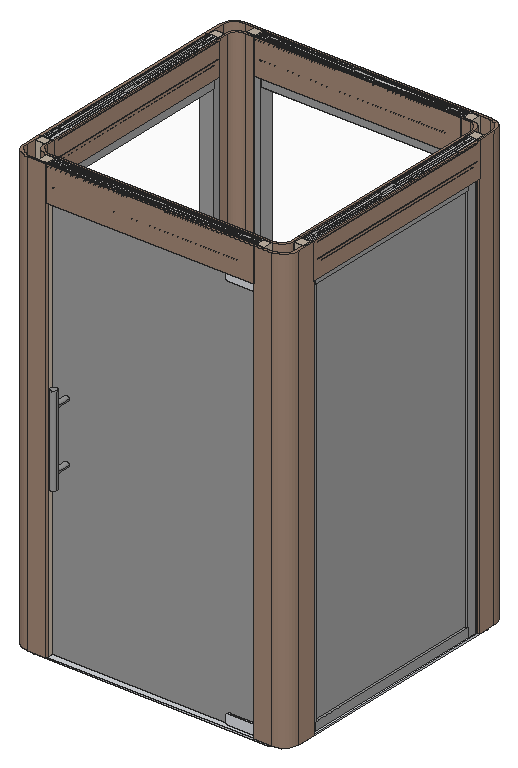
Revit family "T100337", category Furniture, Revit 2015
Parameters (values of type "T100337")
  URL = "https://ofs.com/"
  Manufacturer = "OFS"
  Description = "OFS TYPICAL T100337"
  Copyright © = "©OFS 2021"
  Catalog = "https://ofs.com/2020-experience"
  Authoring Version = "Autodesk Revit Architecture 2015"
  Assembly Code = "E2020400"
Reference planes (in)
  plane 1 "Center Front/Back": y = 0
  plane 2: z = 0
  plane 3 "Center Left/Right": x = 0
Dimensions and locks (in)
  aligned and locked: level to plane 2
Nested families (in)
  nested 1: "OFS ELEMENT OPEN L DESK LEFT AND RIGHT 84in Width 60in Return" at (102, 18.84375, 84), type "ELEMENT OPEN L DESK LEFT RETURN 84in Width 60in Return"
    with Right Desk Ovelay no, Left Desk Overlay no, Desk Overlay Option yes
  nested 2: "OFS OBEYA POSTS" at (26.25, -25.5, 0) x (-1, 0, 0) z (0, 0, 1), type "CORNER POST"
  nested 3: "OFS OBEYA POSTS" at (-26.25, -25.5, 0) x (0, 1, 0) z (0, 0, 1), type "CORNER POST"
  nested 4: "OFS OBEYA POSTS" at (26.25, 27, 0) x (0, -1, 0) z (0, 0, 1), type "CORNER POST"
  nested 5: "OFS OBEYA POSTS" at (-26.25, 27, 0), type "CORNER POST"
  nested 6: "OFS OBEYA BEAM KITS" at (-26.25, 0.75, 0) x (0, -1, 0) z (0, 0, 1), type "Beam Kit 42"
  nested 7: "OFS OBEYA BEAM KITS" at (0, -25.5, 0), type "Beam Kit 42"
  nested 8: "OFS OBEYA GLASS WALLS WITH DOOR" at (0, -25.5, 0) x (-1, 0, 0) z (0, 0, 1), type "Glass Wall With Door 1 Panel"
  nested 9: "OFS OBEYA GLASS WALLS" at (26.25, 0.75, 0) x (0, 1, 0) z (0, 0, 1), type "Glass Wall 1 Panel"
  nested 10: "OFS OBEYA BEAM KITS" at (0, 27, 0), type "Beam Kit 42"
  nested 11: "OFS OBEYA BEAM KITS" at (26.25, 0.75, 0) x (0, -1, 0) z (0, 0, 1), type "Beam Kit 42"
  nested 12: "OFS OBEYA WALL PANELS" at (0, 27, 0), type "Wall Panel Framed Acoustic Infill"
  nested 13: "OFS OBEYA WALL PANELS" at (-26.25, 0.75, 0) x (0, 1, 0) z (0, 0, 1), type "Wall Panel Framed Acoustic Infill"
Definition of nested family "OFS OBEYA POSTS"
  Parameters (values of type "T POST")
    Width = 6 3/4"
    URL = "https://ofs.com/products/space-defining/architectural-structures/obeya"
    T = yes
    Model = "OB-TP"
    Manufacturer = "OFS"
    Height = 90"
    Gliders Material = none
    Finish Material = none
    Description = "OFS OBEYA T POST, Vertical Uprights for Attaching Walls, 3 Way Connection at 90 and 180 Degrees"
    Depth = 6 3/4"
    Corner = no
    Copyright © = "©OFS 2019"
    Edge Material = none
    Catalog = "https://ofs.com/products/space-defining/architectural-structures/obeya"
    Authoring Version = "Autodesk Revit Architecture 2015"
    Assembly Code = "E2020200"
    4way = no
    4 = no
    3 = yes
    2 = yes
  Types (4): name | T | Model | Description | Corner | 4way | 4 | 3
    (no name) | yes | "OB-TP" | "OFS OBEYA T POST, Vertical Uprights for Attaching Walls, 3 Way Connection at 90 and 180 Degrees" | no | no | no | yes
    CORNER POST | no | "OB-CP" | "OFS OBEYA CORNER POST, Vertical Uprights for Attaching Walls, 90 Degree Connection" | yes | no | no | no
    T POST | yes | "OB-TP" | "OFS OBEYA T POST, Vertical Uprights for Attaching Walls, 3 Way Connection at 90 and 180 Degrees" | no | no | no | yes
    4 WAY POST | no | "OB-4P" | "OFS OBEYA 4 WAY POST, Vertical Uprights for Attaching Walls, 4 Way Connection at 90 Corners" | no | yes | yes | yes
  Reference planes (in)
    plane 1 "Center Front/Back": y = 0
    plane 2: z = 0
    plane 3 "Center Left/Right": x = 0
    plane 4: x = 5.25
    plane 5: y = -5.25
    plane 6: z = 90
    plane 7: z = 0.5
    plane 8: y = 5.25
    plane 9: x = -5.25
  Forms (in)
    Extrusion 1, solid, material <- "Finish Material", visible <- "Corner"
      sketch origin (-1.5, 1.5, 0) x (1, 0, 0) y (0, 1, 0)
        loop
          arc (3, 0) -> (0.87868, -0.87868) -> (0, -3) r 3
          line (0, -3) -> (0, -6.75) -> (0.5, -6.75) -> (0.5, -3)
          arc (0.5, -3) -> (1.23223, -1.23223) -> (3, -0.5) r 2.5
          line (3, -0.5) -> (6.75, -0.5) -> (6.75, 0) -> (3, 0)
        loop
          line (5, -3) -> (6.75, -3) -> (6.75, -2.5) -> (5, -2.5)
          arc (5, -2.5) -> (3.23223, -3.23223) -> (2.5, -5) r 2.5
          line (2.5, -5) -> (2.5, -6.75) -> (3, -6.75) -> (3, -5)
          arc (3, -5) -> (3.58579, -3.58579) -> (5, -3) r 2
      from 0.5 to 90
    Extrusion 2, solid, material <- "Edge Material", visible <- "2"
      sketch origin (0, 0, 0) x (1, 0, 0) y (0, 1, 0)
        loop
          line (5.25, 1) -> (3.5, 1) -> (3.5, -1) -> (5.25, -1) -> (5.25, 1)
        loop
          line (-1, -5.25) -> (1, -5.25) -> (1, -3.5) -> (-1, -3.5) -> (-1, -5.25)
      from 0.5 to 90
    Revolve 3, solid, material <- "Gliders Material", visible <- "2"
      sketch origin (-14.98281, 0, 0) x (1, 0, 0) y (0, 0, 1)
        loop
          line (19.45389, 0.5) -> (19.12889, 0.5) -> (19.12889, 0.2225) -> (18.99551, 0.2225)
          arc (18.99551, 0.2225) -> (18.88426, 0.11125) -> (18.99551, 0) r 0.11125
          line (18.99551, 0) -> (19.45389, 0) -> (19.45389, 0.5)
        axis (19.45389, 0) -> (19.45389, 0.5)
      angle from 0 to 360
    Revolve 4, solid, material <- "Gliders Material", visible <- "2"
      sketch origin (0, 14.98281, 0) x (0, -1, 0) y (0, 0, -1)
        loop
          line (19.45389, -0.5) -> (19.45389, 0) -> (18.99551, 0)
          arc (18.99551, 0) -> (18.88426, -0.11125) -> (18.99551, -0.2225) r 0.11125
          line (18.99551, -0.2225) -> (19.12889, -0.2225) -> (19.12889, -0.5) -> (19.45389, -0.5)
        axis (19.45389, 0) -> (19.45389, -0.5)
      angle from 0 to 360
    Extrusion 5, solid, material <- "Finish Material", visible <- "T"
      sketch origin (-1.5, 1.5, 0) x (1, 0, 0) y (0, 1, 0)
        loop
          line (6.75, 0) -> (-3.75, 0) -> (-3.75, -0.5) -> (6.75, -0.5) -> (6.75, 0)
        loop
          line (5, -3) -> (6.75, -3) -> (6.75, -2.5) -> (5, -2.5)
          arc (5, -2.5) -> (3.23223, -3.23223) -> (2.5, -5) r 2.5
          line (2.5, -5) -> (2.5, -6.75) -> (3, -6.75) -> (3, -5)
          arc (3, -5) -> (3.58579, -3.58579) -> (5, -3) r 2
        loop
          arc (-2, -3) -> (-0.58579, -3.58579) -> (0, -5) r 2
          line (0, -5) -> (0, -6.75) -> (0.5, -6.75) -> (0.5, -5)
          arc (0.5, -5) -> (-0.23223, -3.23223) -> (-2, -2.5) r 2.5
          line (-2, -2.5) -> (-3.75, -2.5) -> (-3.75, -3) -> (-2, -3)
      from 0.5 to 90
    Extrusion 6, solid, material <- "Finish Material", visible <- "4way"
      sketch origin (-1.5, 1.5, 0) x (1, 0, 0) y (0, 1, 0)
        loop
          line (5, -3) -> (6.75, -3) -> (6.75, -2.5) -> (5, -2.5)
          arc (5, -2.5) -> (3.23223, -3.23223) -> (2.5, -5) r 2.5
          line (2.5, -5) -> (2.5, -6.75) -> (3, -6.75) -> (3, -5)
          arc (3, -5) -> (3.58579, -3.58579) -> (5, -3) r 2
        loop
          arc (-2, -3) -> (-0.58579, -3.58579) -> (0, -5) r 2
          line (0, -5) -> (0, -6.75) -> (0.5, -6.75) -> (0.5, -5)
          arc (0.5, -5) -> (-0.23223, -3.23223) -> (-2, -2.5) r 2.5
          line (-2, -2.5) -> (-3.75, -2.5) -> (-3.75, -3) -> (-2, -3)
        loop
          arc (5, 0) -> (3.58579, 0.58579) -> (3, 2) r 2
          line (3, 2) -> (3, 3.75) -> (2.5, 3.75) -> (2.5, 2)
          arc (2.5, 2) -> (3.23223, 0.23223) -> (5, -0.5) r 2.5
          line (5, -0.5) -> (6.75, -0.5) -> (6.75, 0) -> (5, 0)
        loop
          line (-2, 0) -> (-3.75, 0) -> (-3.75, -0.5) -> (-2, -0.5)
          arc (-2, -0.5) -> (-0.23223, 0.23223) -> (0.5, 2) r 2.5
          line (0.5, 2) -> (0.5, 3.75) -> (0, 3.75) -> (0, 2)
          arc (0, 2) -> (-0.58579, 0.58579) -> (-2, 0) r 2
      from 0.5 to 90
    Revolve 7, solid, material <- "Gliders Material", visible <- "3"
      sketch origin (14.98281, 0, 0) x (-1, 0, 0) y (0, 0, 1)
        loop
          line (19.45389, 0.5) -> (19.12889, 0.5) -> (19.12889, 0.2225) -> (18.99551, 0.2225)
          arc (18.99551, 0.2225) -> (18.88426, 0.11125) -> (18.99551, 0) r 0.11125
          line (18.99551, 0) -> (19.45389, 0) -> (19.45389, 0.5)
        axis (19.45389, 0) -> (19.45389, 0.5)
      angle from 0 to 360
    Revolve 8, solid, material <- "Gliders Material", visible <- "4"
      sketch origin (0, -14.98281, 0) x (0, 1, 0) y (0, 0, 1)
        loop
          line (19.45389, 0.5) -> (19.12889, 0.5) -> (19.12889, 0.2225) -> (18.99551, 0.2225)
          arc (18.99551, 0.2225) -> (18.88426, 0.11125) -> (18.99551, 0) r 0.11125
          line (18.99551, 0) -> (19.45389, 0) -> (19.45389, 0.5)
        axis (19.45389, 0) -> (19.45389, 0.5)
      angle from 0 to 360
    Extrusion 9, solid, material <- "Edge Material", visible <- "4"
      sketch origin (0, 0, 0) x (1, 0, 0) y (0, 1, 0)
        loop
          line (-1, 5.25) -> (-1, 3.5) -> (1, 3.5) -> (1, 5.25) -> (-1, 5.25)
      from 0.5 to 90
    Extrusion 10, solid, material <- "Edge Material", visible <- "3"
      sketch origin (0, 0, 0) x (0, -1, 0) y (1, 0, 0)
        loop
          line (-1, -5.25) -> (1, -5.25) -> (1, -3.5) -> (-1, -3.5) -> (-1, -5.25)
      from 0.5 to 90
  Dimensions and locks (in)
    "Height": plane 6 to level
    locked: plane 7 to level at 0.5
    aligned and locked: level to plane 2
    aligned and locked: plane 6 to Extrusion 1
    aligned and locked: plane 6 to Extrusion 2
    aligned and locked: Extrusion 1 to plane 7
  Automatic sketch dimensions
    Extrusion 1 sketch curve to Extrusion 1 sketch curve = 0"  (x4)
    Extrusion 1 sketch curve to plane 5 = 0"  (x2)
    Extrusion 1 sketch curve to plane 4 = 0"  (x2)
    Extrusion 1 sketch curve to plane 4 = 1 3/4"
    plane 3 "Center Left/Right" to Extrusion 1 sketch curve = 1 1/2"  (x2)
    Extrusion 1 sketch curve to Extrusion 1 sketch curve = 1/2"  (x2)
    Extrusion 1 sketch curve to plane 3 "Center Left/Right" = 1"
    plane 5 to Extrusion 1 sketch curve = 1 3/4"
    plane 1 "Center Front/Back" to Extrusion 1 sketch curve = 1 1/2"
    Extrusion 2 sketch curve to plane 5 = 0"
    Extrusion 2 sketch curve to plane 4 = 0"
    Extrusion 2 sketch curve to plane 4 = 1 3/4"
    plane 3 "Center Left/Right" to Extrusion 2 sketch curve = 1"
    Extrusion 2 sketch curve to plane 3 "Center Left/Right" = 1"
    plane 5 to Extrusion 2 sketch curve = 1 3/4"
    plane 1 "Center Front/Back" to Extrusion 2 sketch curve = 1"
    Extrusion 2 sketch curve to plane 1 "Center Front/Back" = 1"
    Revolve 3 sketch curve to level = 0"
    Revolve 3 sketch curve to plane 7 = 0"  (x2)
    level to Revolve 3 sketch curve = 0.11125"
    Revolve 3 sketch curve to plane 4 = 1.2373"
    Revolve 3 sketch curve to Revolve 3 sketch curve = 0.13338"
    Revolve 3 sketch curve to Revolve 3 sketch curve = 0.325"
    Revolve 3 sketch curve to Revolve 3 sketch curve = 0"
    Revolve 3 sketch curve to Revolve 3 sketch curve = 1/4"
    Revolve 4 sketch curve to level = 0"
    Revolve 4 sketch curve to plane 7 = 0"  (x2)
    level to Revolve 4 sketch curve = 0.11125"
    plane 5 to Revolve 4 sketch curve = 1.2373"
    Revolve 4 sketch curve to Revolve 4 sketch curve = 0.13338"
    Revolve 4 sketch curve to Revolve 4 sketch curve = 0.325"
    Revolve 4 sketch curve to Revolve 4 sketch curve = 0"
    Revolve 4 sketch curve to Revolve 4 sketch curve = 1/4"
    Extrusion 5 sketch curve to Extrusion 5 sketch curve = 0"  (x4)
    Extrusion 5 sketch curve to plane 9 = 0"  (x2)
    Extrusion 5 sketch curve to plane 5 = 0"  (x2)
    Extrusion 5 sketch curve to plane 4 = 0"  (x2)
    Extrusion 5 sketch curve to plane 9 = 1 3/4"
    Extrusion 5 sketch curve to plane 3 "Center Left/Right" = 1 1/2"
    Extrusion 5 sketch curve to Extrusion 5 sketch curve = 1/2"  (x3)
    plane 3 "Center Left/Right" to Extrusion 5 sketch curve = 1"
    Extrusion 5 sketch curve to plane 4 = 1 3/4"
    plane 5 to Extrusion 5 sketch curve = 1 3/4"  (x2)
    Extrusion 5 sketch curve to plane 1 "Center Front/Back" = 1"
    Extrusion 6 sketch curve to Extrusion 6 sketch curve = 0"  (x8)
    Extrusion 6 sketch curve to plane 9 = 0"  (x2)
    Extrusion 6 sketch curve to plane 5 = 0"  (x2)
    plane 8 to Extrusion 6 sketch curve = 0"  (x2)
    Extrusion 6 sketch curve to plane 4 = 0"  (x2)
    Extrusion 6 sketch curve to plane 9 = 1 3/4"  (x2)
    Extrusion 6 sketch curve to plane 3 "Center Left/Right" = 1 1/2"  (x2)
    Extrusion 6 sketch curve to Extrusion 6 sketch curve = 1/2"  (x4)
    plane 3 "Center Left/Right" to Extrusion 6 sketch curve = 1"  (x2)
    Extrusion 6 sketch curve to plane 4 = 1 3/4"  (x2)
    plane 5 to Extrusion 6 sketch curve = 1 3/4"
    Extrusion 6 sketch curve to Extrusion 6 sketch curve = 1 3/4"
    Extrusion 6 sketch curve to plane 1 "Center Front/Back" = 1"  (x2)
    Revolve 7 sketch curve to level = 0"
    Revolve 7 sketch curve to plane 7 = 0"  (x2)
    Revolve 7 sketch curve to level = 0.11125"
    plane 9 to Revolve 7 sketch curve = 1.2373"
    Revolve 7 sketch curve to Revolve 7 sketch curve = 0.13338"
    Revolve 7 sketch curve to Revolve 7 sketch curve = 0.325"
    Revolve 7 sketch curve to Revolve 7 sketch curve = 0"
    Revolve 7 sketch curve to Revolve 7 sketch curve = 1/4"
    Revolve 8 sketch curve to level = 0"
    Revolve 8 sketch curve to plane 7 = 0"  (x2)
    level to Revolve 8 sketch curve = 0.11125"
    plane 8 to Revolve 8 sketch curve = 1.2373"
    Revolve 8 sketch curve to Revolve 8 sketch curve = 0.13338"
    Revolve 8 sketch curve to Revolve 8 sketch curve = 0.325"
    Revolve 8 sketch curve to Revolve 8 sketch curve = 0"
    Revolve 8 sketch curve to Revolve 8 sketch curve = 1/4"
    plane 8 to Extrusion 9 sketch curve = 0"
    plane 3 "Center Left/Right" to Extrusion 9 sketch curve = 1"
    Extrusion 9 sketch curve to plane 3 "Center Left/Right" = 1"
    Extrusion 9 sketch curve to plane 8 = 1 3/4"
    Extrusion 10 sketch curve to plane 9 = 0"
    Extrusion 10 sketch curve to plane 1 "Center Front/Back" = 1"
    plane 1 "Center Front/Back" to Extrusion 10 sketch curve = 1"
    Extrusion 10 sketch curve to Extrusion 10 sketch curve = 1 3/4"
Definition of nested family "OFS OBEYA BEAM KITS"
  Parameters (values of type "Beam Kit 42")
    Width = 42"
    URL = "https://ofs.com/products/space-defining/architectural-structures/obeya"
    Model = "OB-42BMK"
    Manufacturer = "OFS"
    Height = 90"
    Structure Material = none
    Finish Material = none
    Description = "OFS OBEYA BEAM KIT, 42\" Width, Spans Between 2 Posts"
    Depth = 3"
    Copyright © = "©OFS 2020"
    Edge Material = none
    Catalog = "https://ofs.com/products/space-defining/architectural-structures/obeya"
    Beam Height = 7"
    Authoring Version = "Autodesk Revit Architecture 2015"
    Assembly Code = "E2020200"
  Types (3): name | Width | Model | Description
    Beam Kit 42 | 42" | "OB-42BMK" | "OFS OBEYA BEAM KIT, 42\" Width, Spans Between 2 Posts"
    Beam Kit 84 | 84" | "OB-84BMK" | "OFS OBEYA BEAM KIT, 84\" Width, Spans Between 2 Posts"
    Beam Kit 126 | 126" | "OB-126BMK" | "OFS OBEYA BEAM KIT, 126\" Width, Spans Between 2 Posts"
  Reference planes (in)
    plane 1 "Center Front/Back": y = 0
    plane 2: z = 0
    plane 3 "Center Left/Right": x = 0
    plane 4: x = 21
    plane 5: y = -1.5
    plane 6: z = 90
    plane 7: z = 0.5
    plane 8: y = 1.5
    plane 9: x = -21
    plane 10: z = 83
    plane 11: x = 2
    plane 12: x = -2
    plane 13: x = -19.25
    plane 14: x = -17.25
    plane 15: x = 19.25
    plane 16: x = 17.25
  Forms (in)
    Extrusion 1, solid, material <- "Finish Material"
      sketch origin (0, 0, 0) x (0, 1, 0) y (0, 0, 1)
        loop
          line (1.5, 90) -> (1, 90) -> (1, 83) -> (1.5, 83) -> (1.5, 90)
        loop
          line (-1.5, 90) -> (-1.5, 83) -> (-1, 83) -> (-1, 90) -> (-1.5, 90)
      from -21 to 21
    Extrusion 2, solid, material <- "Edge Material"
      sketch origin (0, 0, 0) x (0, 1, 0) y (0, 0, 1)
        loop
          line (1, 84) -> (-1, 84) -> (-1, 83) -> (1, 83) -> (1, 84)
      from -21 to 21
    Extrusion 3, solid, material <- "Structure Material"
      sketch origin (0, 0, 0) x (0, 1, 0) y (0, 0, 1)
        loop
          line (0.634, 89.90157) -> (0.90157, 89.90157) -> (0.90157, 89.27657) -> (0.29068, 89.27657)
          arc (0.29068, 89.27657) -> (0.19003, 89.39013) -> (0.04921, 89.44664) r 0.33001
          line (0.04921, 89.44664) -> (0.04921, 89.90157) -> (0.23, 89.90157) -> (0.23, 90) -> (-0.23, 90) -> (-0.23, 89.90157) -> (-0.04921, 89.90157) -> (-0.04921, 89.44664)
          arc (-0.04921, 89.44664) -> (-0.19003, 89.39013) -> (-0.29068, 89.27657) r 0.33001
          line (-0.29068, 89.27657) -> (-0.90157, 89.27657) -> (-0.90157, 89.90157) -> (-0.634, 89.90157) -> (-0.634, 90) -> (-1, 90) -> (-1, 89.17815) -> (-0.74409, 88.92224) -> (-0.74409, 87.7719) -> (-0.90157, 87.7719) -> (-0.90157, 88.09941) -> (-1, 88.19783) -> (-1, 85.9781) -> (-0.74409, 85.72219) -> (-0.74409, 84.57185) -> (-0.90157, 84.57185) -> (-0.90157, 84.89936) -> (-1, 84.99779) -> (-1, 84) -> (-0.202, 84) -> (-0.202, 84.09843) -> (-0.375, 84.09843) -> (-0.375, 84.71875) -> (-0.28811, 84.71875)
          arc (-0.28811, 84.71875) -> (0, 84.54967) -> (0.28811, 84.71875) r 0.33001
          line (0.28811, 84.71875) -> (0.375, 84.71875) -> (0.375, 84.09843) -> (0.202, 84.09843) -> (0.202, 84) -> (1, 84) -> (1, 84.99779) -> (0.90157, 84.89936) -> (0.90157, 84.57185) -> (0.74409, 84.57185) -> (0.74409, 85.72219) -> (1, 85.9781) -> (1, 88.19783) -> (0.90157, 88.09941) -> (0.90157, 87.7719) -> (0.74409, 87.7719) -> (0.74409, 88.92224) -> (1, 89.17815) -> (1, 90) -> (0.634, 90) -> (0.634, 89.90157)
        loop
          arc (0.33001, 89.12032) -> (0.28638, 88.95633) -> (0.16703, 88.8357) r 0.33001
          line (0.16703, 88.8357) -> (0.08792, 88.97271)
          arc (0.08792, 88.97271) -> (0, 89.29214) -> (-0.08792, 88.97271) r 0.17181
          line (-0.08792, 88.97271) -> (-0.16703, 88.8357)
          arc (-0.16703, 88.8357) -> (-0.28638, 88.95633) -> (-0.33001, 89.12032) r 0.33001
          line (-0.33001, 89.12032) -> (-0.64567, 89.12032) -> (-0.64567, 87.67347) -> (-0.90157, 87.67347) -> (-0.90157, 86.01887) -> (-0.202, 86.01887) -> (-0.202, 85.92044) -> (-0.64567, 85.92044) -> (-0.64567, 84.875) -> (-0.32998, 84.875)
          arc (-0.32998, 84.875) -> (-0.28753, 85.04163) -> (-0.16703, 85.1643) r 0.33001
          line (-0.16703, 85.1643) -> (-0.08792, 85.02729)
          arc (-0.08792, 85.02729) -> (0, 84.70786) -> (0.08792, 85.02729) r 0.17181
          line (0.08792, 85.02729) -> (0.16703, 85.1643)
          arc (0.16703, 85.1643) -> (0.28753, 85.04163) -> (0.32998, 84.875) r 0.33001
          line (0.32998, 84.875) -> (0.64567, 84.875) -> (0.64567, 85.92044) -> (0.202, 85.92044) -> (0.202, 86.01887) -> (0.90157, 86.01887) -> (0.90157, 87.67347) -> (0.64567, 87.67347) -> (0.64567, 89.12032) -> (0.33001, 89.12032)
        loop
          line (0.47343, 84.71875) -> (0.47343, 84.09843) -> (0.90157, 84.09843) -> (0.90157, 84.47343) -> (0.64567, 84.47343) -> (0.64567, 84.71875) -> (0.47343, 84.71875)
        loop
          line (-0.47343, 84.71875) -> (-0.64567, 84.71875) -> (-0.64567, 84.47343) -> (-0.90157, 84.47343) -> (-0.90157, 84.09843) -> (-0.47343, 84.09843) -> (-0.47343, 84.71875)
      from -21 to 21
    Extrusion 4, void
      sketch origin (0, 24.68611, 0) x (-1, 0, 0) y (0, -1, 0)
        loop
          line (-1.875, 24.04044) -> (1.875, 24.04044)
          arc (1.875, 24.04044) -> (1.96339, 24.07705) -> (2, 24.16544) r 0.125
          line (2, 24.16544) -> (2, 25.20678)
          arc (2, 25.20678) -> (1.96339, 25.29517) -> (1.875, 25.33178) r 0.125
          line (1.875, 25.33178) -> (-1.875, 25.33178)
          arc (-1.875, 25.33178) -> (-1.96339, 25.29517) -> (-2, 25.20678) r 0.125
          line (-2, 25.20678) -> (-2, 24.16544)
          arc (-2, 24.16544) -> (-1.96339, 24.07705) -> (-1.875, 24.04044) r 0.125
      from 87.3961 to 91.22301
    Extrusion 5, void
      sketch origin (-59.25, 24.68611, 0) x (-1, 0, 0) y (0, -1, 0)
        loop
          line (-41.875, 24.04044) -> (-40.125, 24.04044)
          arc (-40.125, 24.04044) -> (-40.03661, 24.07705) -> (-40, 24.16544) r 0.125
          line (-40, 24.16544) -> (-40, 25.20678)
          arc (-40, 25.20678) -> (-40.03661, 25.29517) -> (-40.125, 25.33178) r 0.125
          line (-40.125, 25.33178) -> (-41.875, 25.33178)
          arc (-41.875, 25.33178) -> (-41.96339, 25.29517) -> (-42, 25.20678) r 0.125
          line (-42, 25.20678) -> (-42, 24.16544)
          arc (-42, 24.16544) -> (-41.96339, 24.07705) -> (-41.875, 24.04044) r 0.125
      from 87.3961 to 91.22301
    Extrusion 6, void
      sketch origin (59.25, 24.68611, 0) x (1, 0, 0) y (0, 1, 0)
        loop
          arc (-41.875, -24.04044) -> (-41.96339, -24.07705) -> (-42, -24.16544) r 0.125
          line (-42, -24.16544) -> (-42, -25.20678)
          arc (-42, -25.20678) -> (-41.96339, -25.29517) -> (-41.875, -25.33178) r 0.125
          line (-41.875, -25.33178) -> (-40.125, -25.33178)
          arc (-40.125, -25.33178) -> (-40.03661, -25.29517) -> (-40, -25.20678) r 0.125
          line (-40, -25.20678) -> (-40, -24.16544)
          arc (-40, -24.16544) -> (-40.03661, -24.07705) -> (-40.125, -24.04044) r 0.125
          line (-40.125, -24.04044) -> (-41.875, -24.04044)
      from 87.3961 to 91.22301
  Cuts and joins
    Extrusion 4, Extrusion 5, Extrusion 6 cuts Extrusion 3
  Lines and regions (in)
    symbolic lines
      curve 1: line (-21, 1.5, 0) -> (21, 1.5, 0)
      curve 2: line (-21, -1.5, 0) -> (-21, 1.5, 0)
      curve 3: line (21, -1.5, 0) -> (-21, -1.5, 0)
      curve 4: line (21, 1.5, 0) -> (21, -1.5, 0)
  Dimensions and locks (in)
    "Height": plane 6 to level
    locked: plane 7 to level at 0.5
    equal spacing: plane 8, plane 1 "Center Front/Back", plane 5
    "Depth": plane 8 to plane 5
    equal spacing: plane 9, plane 3 "Center Left/Right", plane 4
    "Width": plane 9 to plane 4
    "Beam Height": plane 6 to plane 10
    plane 9 to plane 13 to plane 14 = 1 3/4" locked, 2" locked
    locked: plane 12 to plane 11 at 4
    plane 4 to plane 15 to plane 16 = 1 3/4" locked, 2" locked
    aligned and locked: level to plane 2
    aligned and locked: plane 9 to Extrusion 1
    aligned and locked: plane 9 to Extrusion 3
    aligned and locked: plane 4 to Extrusion 1
    aligned and locked: plane 4 to Extrusion 3
    aligned and locked: plane 4 to Extrusion 2
    aligned and locked: plane 9 to Extrusion 2
    aligned and locked: curve 2 to plane 9
    aligned and locked: curve 4 to plane 4
    aligned and locked: plane 8 to curve 1
    aligned and locked: plane 5 to curve 3
    aligned and locked: Extrusion 4 to plane 12
    aligned and locked: plane 11 to Extrusion 4
    aligned and locked: plane 13 to Extrusion 5
    aligned and locked: Extrusion 5 to plane 14
    aligned and locked: plane 15 to Extrusion 6
    aligned and locked: Extrusion 6 to plane 16
  Automatic sketch dimensions
    Extrusion 1 sketch curve to plane 5 = 0"
    Extrusion 1 sketch curve to plane 10 = 0"  (x2)
    Extrusion 1 sketch curve to plane 6 = 0"  (x2)
    Extrusion 1 sketch curve to plane 8 = 0"
    plane 5 to Extrusion 1 sketch curve = 1/2"
    plane 8 to Extrusion 1 sketch curve = 1/2"
    Extrusion 2 sketch curve to plane 10 = 0"
    plane 5 to Extrusion 2 sketch curve = 1/2"
    plane 8 to Extrusion 2 sketch curve = 1/2"
    plane 10 to Extrusion 2 sketch curve = 1"
    Extrusion 3 sketch curve to Extrusion 3 sketch curve = 0"  (x38)
    Extrusion 3 sketch curve to plane 6 = 0"  (x3)
    Extrusion 3 sketch curve to plane 1 "Center Front/Back" = 0"  (x2)
    plane 1 "Center Front/Back" to Extrusion 3 sketch curve = 0.04921"
    plane 1 "Center Front/Back" to Extrusion 3 sketch curve = 0.08792"  (x2)
    Extrusion 3 sketch curve to Extrusion 3 sketch curve = 0.0791"  (x4)
    plane 1 "Center Front/Back" to Extrusion 3 sketch curve = 0.202"  (x2)
    Extrusion 3 sketch curve to Extrusion 3 sketch curve = 0.18079"  (x2)
    plane 1 "Center Front/Back" to Extrusion 3 sketch curve = 0.28811"
    plane 1 "Center Front/Back" to Extrusion 3 sketch curve = 0.29068"
    Extrusion 3 sketch curve to Extrusion 3 sketch curve = 0.04186"  (x2)
    Extrusion 3 sketch curve to Extrusion 3 sketch curve = 0.03933"  (x2)
    Extrusion 3 sketch curve to Extrusion 3 sketch curve = 0.173"  (x2)
    Extrusion 3 sketch curve to Extrusion 3 sketch curve = 0.09843"  (x26)
    Extrusion 3 sketch curve to Extrusion 3 sketch curve = 0.404"  (x2)
    Extrusion 3 sketch curve to Extrusion 3 sketch curve = 0.44367"
    Extrusion 3 sketch curve to Extrusion 3 sketch curve = 0.17224"  (x2)
    plane 1 "Center Front/Back" to Extrusion 3 sketch curve = 0.64567"
    Extrusion 3 sketch curve to Extrusion 3 sketch curve = 0.15748"  (x4)
    Extrusion 3 sketch curve to plane 6 = 0.09843"  (x4)
    Extrusion 3 sketch curve to Extrusion 3 sketch curve = 0.26757"
    Extrusion 3 sketch curve to Extrusion 3 sketch curve = 0.25591"  (x4)
    Extrusion 3 sketch curve to plane 1 "Center Front/Back" = 0.04921"
    Extrusion 3 sketch curve to plane 1 "Center Front/Back" = 0.08792"  (x2)
    Extrusion 3 sketch curve to plane 1 "Center Front/Back" = 0.202"  (x2)
    Extrusion 3 sketch curve to plane 1 "Center Front/Back" = 0.28811"
    Extrusion 3 sketch curve to plane 1 "Center Front/Back" = 0.29068"
    Extrusion 3 sketch curve to Extrusion 3 sketch curve = 0.31566"
    Extrusion 3 sketch curve to Extrusion 3 sketch curve = 0.42815"
    Extrusion 3 sketch curve to Extrusion 3 sketch curve = 0.45493"
    Extrusion 3 sketch curve to Extrusion 3 sketch curve = 0.17007"
    Extrusion 3 sketch curve to Extrusion 3 sketch curve = 0.13701"  (x2)
    Extrusion 3 sketch curve to Extrusion 3 sketch curve = 0.19808"  (x2)
    Extrusion 3 sketch curve to Extrusion 3 sketch curve = 0.72441"  (x4)
    Extrusion 3 sketch curve to Extrusion 3 sketch curve = 0.32751"  (x2)
    Extrusion 3 sketch curve to Extrusion 3 sketch curve = 1.6546"
    Extrusion 3 sketch curve to Extrusion 3 sketch curve = 0.04077"  (x2)
    Extrusion 3 sketch curve to Extrusion 3 sketch curve = 0.19825"  (x2)
    Extrusion 3 sketch curve to Extrusion 3 sketch curve = 0.75615"
    Extrusion 3 sketch curve to Extrusion 3 sketch curve = 0.14761"
    Extrusion 3 sketch curve to Extrusion 3 sketch curve = 5/32"  (x2)
    Extrusion 3 sketch curve to Extrusion 3 sketch curve = 0.1469"  (x2)
    Extrusion 3 sketch curve to Extrusion 3 sketch curve = 3/8"  (x3)
    Extrusion 4 sketch curve to plane 11 = 0"
    Extrusion 4 sketch curve to plane 12 = 0"
    plane 11 to Extrusion 4 sketch curve = 1/8"  (x2)
    Extrusion 4 sketch curve to plane 12 = 1/8"
    Extrusion 4 sketch curve to Extrusion 4 sketch curve = 1/8"
    Extrusion 4 sketch curve to plane 1 "Center Front/Back" = 0.64567"
    plane 1 "Center Front/Back" to Extrusion 4 sketch curve = 0.52067"
    Extrusion 5 sketch curve to plane 14 = 0"
    Extrusion 5 sketch curve to plane 13 = 0"
    Extrusion 5 sketch curve to plane 14 = 1/8"
    Extrusion 5 sketch curve to Extrusion 5 sketch curve = 1/8"
    plane 13 to Extrusion 5 sketch curve = 1/8"  (x2)
    Extrusion 5 sketch curve to plane 1 "Center Front/Back" = 0.64567"
    plane 1 "Center Front/Back" to Extrusion 5 sketch curve = 0.52067"
    Extrusion 6 sketch curve to plane 16 = 0"
    Extrusion 6 sketch curve to plane 15 = 0"
    plane 16 to Extrusion 6 sketch curve = 1/8"
    Extrusion 6 sketch curve to Extrusion 6 sketch curve = 1/8"
    Extrusion 6 sketch curve to plane 15 = 1/8"  (x2)
    plane 1 "Center Front/Back" to Extrusion 6 sketch curve = 0.64567"
    Extrusion 6 sketch curve to plane 1 "Center Front/Back" = 0.52067"
Definition of nested family "OFS OBEYA GLASS WALLS WITH DOOR"
  Parameters (values of type "Glass Wall With Door 1 Panel HO")
    Width = 42"
    URL = "https://ofs.com/products/space-defining/architectural-structures/obeya"
    P3 = no
    P2 = no
    P1 = yes
    Model = "OB-42GWDHO"
    Glass Material = none
    Manufacturer = "OFS"
    Height = 83"
    Frame Material = none
    Finish Material = none
    F3 = no
    F2 = no
    Description = "OFS OBEYA GLASS WALL WITH DOOR 1 PANEL, Hardware Only - Glass Provided By Customer, Requires Beam Kit OPWALL or GBGWALL option"
    Depth = 1"
    Copyright © = "©OFS 2020"
    Catalog = "https://ofs.com/products/space-defining/architectural-structures/obeya"
    Authoring Version = "Autodesk Revit Architecture 2015"
    Assembly Code = "E2020200"
    3 = no
    2&3 = no
    2 = no
    1 = no
  Types (7): name | Width | P3 | P2 | P1 | Model | F3 | F2 | Description | 3 | 2&3 | 2 | 1
    (no name) | 42" | no | no | yes | "OB-42GWDHO" | no | no | "OFS OBEYA GLASS WALL WITH DOOR 1 PANEL, Hardware Only - Glass Provided By Customer, Requires Beam Kit OPWALL or GBGWALL option" | no | no | no | no
    Glass Wall With Door 1 Panel | 42" | no | no | yes | "OB-42GWD" | no | no | "OFS OBEYA GLASS WALL WITH DOOR 1 PANEL, Requires Beam Kit OPWALL or GBGWALL option" | no | no | no | yes
    Glass Wall With Door 2 Panels | 84" | no | yes | no | "OB-84GWD" | no | yes | "OFS OBEYA GLASS WALL WITH DOOR 2 PANELS, Requires Beam Kit OPWALL or GBGWALL option" | no | yes | yes | no
    Glass Wall With Door 3 Panels | 126" | yes | no | no | "OB-126GWD" | yes | no | "OFS OBEYA GLASS WALL WITH DOOR 3 PANELS, Requires Beam Kit OPWALL or GBGWALL option" | yes | yes | no | no
    Glass Wall With Door 1 Panel HO | 42" | no | no | yes | "OB-42GWDHO" | no | no | "OFS OBEYA GLASS WALL WITH DOOR 1 PANEL, Hardware Only - Glass Provided By Customer, Requires Beam Kit OPWALL or GBGWALL option" | no | no | no | no
    Glass Wall With Door 2 Panels HO | 84" | no | yes | no | "OB-84GWDHO" | no | yes | "OFS OBEYA GLASS WALL WITH DOOR 2 PANELS, Hardware Only - Glass Provided By Customer, Requires Beam Kit OPWALL or GBGWALL option" | no | yes | no | no
    Glass Wall With Door 3 Panels HO | 126" | yes | no | no | "OB-126GWDHO" | yes | no | "OFS OBEYA GLASS WALL WITH DOOR 3 PANELS, Hardware Only - Glass Provided By Customer, Requires Beam Kit OPWALL or GBGWALL option" | no | yes | no | no
  Reference planes (in)
    plane 1 "Center Front/Back": y = 0
    plane 2: z = 0
    plane 3 "Center Left/Right": x = 0
    plane 4: x = 21
    plane 5: z = 83
    plane 6: x = -21
    plane 7: y = 0.5
    plane 8: y = -0.5
    plane 9: x = -19.25
    plane 10: x = 19.25
    plane 11: z = 81.25
    plane 12: z = 2
    plane 13: y = 0.3125
    plane 14: z = 0.25
    plane 15: x = -24
    plane 16: x = 24
    plane 17: x = -7
    plane 18: x = 7
    plane 19: x = 0.03125
    plane 20: x = -0.03125
    plane 21: x = 7.03125
    plane 22: x = 6.96875
    plane 23: x = -6.96875
    plane 24: x = -7.03125
    plane 25: z = 0.5
    plane 26: x = 18
    plane 27: x = -10
    plane 28: x = -3
    plane 29: x = -14.625
    plane 30: z = 82.75
    plane 31: z = 81
    plane 32: z = 2.5
  Forms (in)
    Extrusion 1, solid, material <- "Frame Material", visible <- "F2"
      sketch origin (0, 0, 0) x (1, 0, 0) y (0, 1, 0)
        loop
          line (0, 0.5) -> (0, -0.5) -> (19.25, -0.5) -> (19.25, 0.5) -> (0, 0.5)
      from 0.25 to 2
    Extrusion 2, solid, material <- "Frame Material", visible <- "F3"
      sketch origin (0, 0, 77) x (1, 0, 0) y (0, 1, 0)
        loop
          line (-7, 0.5) -> (-7, -0.5) -> (19.25, -0.5) -> (19.25, 0.5) -> (-7, 0.5)
      from 4.25 to 6
    Extrusion 3, solid, material <- "Frame Material", visible <- "2&3"
      sketch origin (0, 0, 31) x (-1, 0, 0) y (0, -1, 0)
        loop
          line (-21, -0.5) -> (-19.25, -0.5) -> (-19.25, 0.5) -> (-21, 0.5) -> (-21, -0.5)
      from -30.75 to 52
    Extrusion 4, solid, material <- "Glass Material", visible <- "1"
      sketch origin (0, 0, 0) x (1, 0, 0) y (0, 0, 1)
        loop
          arc (-20.5, 82.75) -> (-20.85355, 82.60355) -> (-21, 82.25) r 0.5
          line (-21, 82.25) -> (-21, 1)
          arc (-21, 1) -> (-20.85355, 0.64645) -> (-20.5, 0.5) r 0.5
          line (-20.5, 0.5) -> (21, 0.5) -> (21, 82.75) -> (-20.5, 82.75)
      from 0 to -0.3125
    Extrusion 5, solid
      sketch origin (0, 0, 0) x (1, 0, 0) y (0, 1, 0)
        loop
          line (23.6063, 1) -> (-23.6063, 1)
          arc (-23.6063, 1) -> (-23.88469, 0.88469) -> (-24, 0.6063) r 0.3937
          line (-24, 0.6063) -> (-24, -0.6063)
          arc (-24, -0.6063) -> (-23.88469, -0.88469) -> (-23.6063, -1) r 0.3937
          line (-23.6063, -1) -> (23.6063, -1)
          arc (23.6063, -1) -> (23.88469, -0.88469) -> (24, -0.6063) r 0.3937
          line (24, -0.6063) -> (24, 0.6063)
          arc (24, 0.6063) -> (23.88469, 0.88469) -> (23.6063, 1) r 0.3937
        loop
          circle (-22, 0) r 0.625
        loop
          circle (22, 0) r 0.625
      from 0 to 0.25
    Extrusion 6, solid, material <- "Glass Material", visible <- "2"
      sketch origin (2.5, 0, 0) x (1, 0, 0) y (0, 0, 1)
        loop
          arc (-23, 82.75) -> (-23.35355, 82.60355) -> (-23.5, 82.25) r 0.5
          line (-23.5, 82.25) -> (-23.5, 1)
          arc (-23.5, 1) -> (-23.35355, 0.64645) -> (-23, 0.5) r 0.5
          line (-23, 0.5) -> (-2.53125, 0.5) -> (-2.53125, 82.75) -> (-23, 82.75)
      from 0 to -0.3125
    Extrusion 7, solid, material <- "Glass Material", visible <- "2"
      sketch origin (-2.5, 0, 0) x (-1, 0, 0) y (0, 0, -1)
        loop
          line (-21.75, -81.25) -> (-2.53125, -81.25) -> (-2.53125, -2) -> (-21.75, -2) -> (-21.75, -81.25)
      from 0 to -0.3125
    Extrusion 8, solid, material <- "Glass Material", visible <- "3"
      sketch origin (2.5, 0, 0) x (1, 0, 0) y (0, 0, 1)
        loop
          arc (-23, 82.75) -> (-23.35355, 82.60355) -> (-23.5, 82.25) r 0.5
          line (-23.5, 82.25) -> (-23.5, 1)
          arc (-23.5, 1) -> (-23.35355, 0.64645) -> (-23, 0.5) r 0.5
          line (-23, 0.5) -> (-9.53125, 0.5) -> (-9.53125, 82.75) -> (-23, 82.75)
      from 0 to -0.3125
    Extrusion 9, solid, material <- "Glass Material", visible <- "3"
      sketch origin (-16.5, 0, 0) x (-1, 0, 0) y (0, 0, -1)
        loop
          line (-23.46875, -81.25) -> (-9.53125, -81.25) -> (-9.53125, -2) -> (-23.46875, -2) -> (-23.46875, -81.25)
      from 0 to -0.3125
    Extrusion 10, solid, material <- "Glass Material", visible <- "3"
      sketch origin (30.5, 0, 0) x (1, 0, 0) y (0, 0, 1)
        loop
          line (-23.46875, 81.25) -> (-23.46875, 2) -> (-11.25, 2) -> (-11.25, 81.25) -> (-23.46875, 81.25)
      from 0 to -0.3125
    Extrusion 11, solid, material <- "Frame Material", visible <- "P1"
      sketch origin (-32.68423, 0, 0) x (1, 0, 0) y (0, 1, 0)
        loop
          circle (50.68423, 3.25) r 0.625
        loop
          circle (50.68423, -3.25) r 0.625
      from 32.90625 to 50.90625
    Extrusion 12, solid, material <- "Frame Material", visible <- "P1"
      sketch origin (-32.68423, 0, 0) x (1, 0, 0) y (0, 0, 1)
        loop
          circle (50.68423, 47.90625) r 0.5
        loop
          circle (50.68423, 35.90625) r 0.5
      from 0 to 3
    Extrusion 13, solid, material <- "Frame Material", visible <- "F2"
      sketch origin (0, 0, 77) x (1, 0, 0) y (0, 1, 0)
        loop
          line (0, 0.5) -> (0, -0.5) -> (19.25, -0.5) -> (19.25, 0.5) -> (0, 0.5)
      from 4.25 to 6
    Extrusion 14, solid, material <- "Frame Material", visible <- "F3"
      sketch origin (0, 0, 0) x (1, 0, 0) y (0, 1, 0)
        loop
          line (-7, 0.5) -> (-7, -0.5) -> (19.25, -0.5) -> (19.25, 0.5) -> (-7, 0.5)
      from 0.25 to 2
    Extrusion 15, solid, material <- "Frame Material", visible <- "P1"
      sketch origin (-32.68423, 0, 0) x (1, 0, 0) y (0, 0, -1)
        loop
          circle (50.68423, -47.90625) r 0.5
        loop
          circle (50.68423, -35.90625) r 0.5
      from 0.3125 to 3
    Extrusion 16, solid, material <- "Frame Material", visible <- "P3"
      sketch origin (-60.68423, 0, 0) x (1, 0, 0) y (0, 1, 0)
        loop
          circle (50.68423, 3.25) r 0.625
        loop
          circle (50.68423, -3.25) r 0.625
      from 32.90625 to 50.90625
    Extrusion 17, solid, material <- "Frame Material", visible <- "P3"
      sketch origin (-60.68423, 0, 0) x (1, 0, 0) y (0, 0, 1)
        loop
          circle (50.68423, 47.90625) r 0.5
        loop
          circle (50.68423, 35.90625) r 0.5
      from 0 to 3
    Extrusion 18, solid, material <- "Frame Material", visible <- "P3"
      sketch origin (-60.68423, 0, 0) x (1, 0, 0) y (0, 0, -1)
        loop
          circle (50.68423, -47.90625) r 0.5
        loop
          circle (50.68423, -35.90625) r 0.5
      from 0.3125 to 3
    Extrusion 19, solid, material <- "Frame Material", visible <- "P2"
      sketch origin (-53.68423, 0, 0) x (1, 0, 0) y (0, 1, 0)
        loop
          circle (50.68423, 3.25) r 0.625
        loop
          circle (50.68423, -3.25) r 0.625
      from 32.90625 to 50.90625
    Extrusion 20, solid, material <- "Frame Material", visible <- "P2"
      sketch origin (-53.68423, 0, 0) x (1, 0, 0) y (0, 0, 1)
        loop
          circle (50.68423, 47.90625) r 0.5
        loop
          circle (50.68423, 35.90625) r 0.5
      from 0 to 3
    Extrusion 21, solid, material <- "Frame Material", visible <- "P2"
      sketch origin (-53.68423, 0, 0) x (1, 0, 0) y (0, 0, -1)
        loop
          circle (50.68423, -47.90625) r 0.5
        loop
          circle (50.68423, -35.90625) r 0.5
      from 0.3125 to 3
    Extrusion 22, solid
      sketch origin (0, 0, 0) x (1, 0, 0) y (0, 0, 1)
        loop
          arc (-20.5, 82.75) -> (-20.85355, 82.60355) -> (-21, 82.25) r 0.5
          line (-21, 82.25) -> (-21, 81.5)
          arc (-21, 81.5) -> (-20.85355, 81.14645) -> (-20.5, 81) r 0.5
          line (-20.5, 81) -> (-15.125, 81)
          arc (-15.125, 81) -> (-14.77145, 81.14645) -> (-14.625, 81.5) r 0.5
          line (-14.625, 81.5) -> (-14.625, 82.25)
          arc (-14.625, 82.25) -> (-14.77145, 82.60355) -> (-15.125, 82.75) r 0.5
          line (-15.125, 82.75) -> (-20.5, 82.75)
        loop
          arc (-20.5, 2.5) -> (-20.85355, 2.35355) -> (-21, 2) r 0.5
          line (-21, 2) -> (-21, 1)
          arc (-21, 1) -> (-20.85355, 0.64645) -> (-20.5, 0.5) r 0.5
          line (-20.5, 0.5) -> (-15.125, 0.5)
          arc (-15.125, 0.5) -> (-14.77145, 0.64645) -> (-14.625, 1) r 0.5
          line (-14.625, 1) -> (-14.625, 2)
          arc (-14.625, 2) -> (-14.77145, 2.35355) -> (-15.125, 2.5) r 0.5
          line (-15.125, 2.5) -> (-20.5, 2.5)
      from 0 to 0.5
    Extrusion 23, solid
      sketch origin (0, 0, 0) x (1, 0, 0) y (0, 0, -1)
        loop
          line (-20.5, -82.75) -> (-15.125, -82.75)
          arc (-15.125, -82.75) -> (-14.77145, -82.60355) -> (-14.625, -82.25) r 0.5
          line (-14.625, -82.25) -> (-14.625, -81.5)
          arc (-14.625, -81.5) -> (-14.77145, -81.14645) -> (-15.125, -81) r 0.5
          line (-15.125, -81) -> (-20.5, -81)
          arc (-20.5, -81) -> (-20.85355, -81.14645) -> (-21, -81.5) r 0.5
          line (-21, -81.5) -> (-21, -82.25)
          arc (-21, -82.25) -> (-20.85355, -82.60355) -> (-20.5, -82.75) r 0.5
        loop
          line (-20.5, -2.5) -> (-15.125, -2.5)
          arc (-15.125, -2.5) -> (-14.77145, -2.35355) -> (-14.625, -2) r 0.5
          line (-14.625, -2) -> (-14.625, -1)
          arc (-14.625, -1) -> (-14.77145, -0.64645) -> (-15.125, -0.5) r 0.5
          line (-15.125, -0.5) -> (-20.5, -0.5)
          arc (-20.5, -0.5) -> (-20.85355, -0.64645) -> (-21, -1) r 0.5
          line (-21, -1) -> (-21, -2)
          arc (-21, -2) -> (-20.85355, -2.35355) -> (-20.5, -2.5) r 0.5
      from 0.3125 to 0.5
  Dimensions and locks (in)
    "Height": plane 5 to level
    equal spacing: plane 6, plane 3 "Center Left/Right", plane 4
    "Width": plane 6 to plane 4
    "Depth": plane 8 to plane 7
    equal spacing: plane 7, plane 1 "Center Front/Back", plane 8
    locked: plane 6 to plane 9 at 1.75
    locked: plane 4 to plane 10 at 1.75
    locked: plane 5 to plane 11 at 1.75
    locked: plane 12 to plane 2 at 2
    locked: plane 13 to plane 8 at 0.8125
    plane 25 to plane 14 to plane 2 = 1/4" locked, 1/4" locked
    locked: plane 15 to plane 6 at 3
    locked: plane 4 to plane 16 at 3
    equal spacing: plane 6, plane 17, plane 18, plane 4
    locked: plane 3 "Center Left/Right" to plane 19 at 0.03125
    locked: plane 3 "Center Left/Right" to plane 20 at 0.03125
    locked: plane 18 to plane 21 at 0.03125
    locked: plane 18 to plane 22 at 0.03125
    locked: plane 17 to plane 23 at 0.03125
    locked: plane 17 to plane 24 at 0.03125
    locked: plane 26 to plane 4 at 3
    locked: plane 27 to plane 17 at 3
    locked: plane 28 to plane 3 "Center Left/Right" at 3
    locked: plane 6 to plane 29 at 6.375
    locked: plane 5 to plane 30 at 0.25
    locked: plane 5 to plane 31 at 2
    locked: plane 32 to level at 2.5
    aligned and locked: level to plane 2
    aligned and locked: plane 7 to Extrusion 1 sketch curve
    aligned and locked: plane 8 to Extrusion 1 sketch curve
    aligned and locked: Extrusion 1 sketch curve to plane 10
    aligned and locked: plane 5 to Extrusion 2
    aligned and locked: Extrusion 2 to plane 11
    aligned and locked: plane 10 to Extrusion 2
    aligned and locked: plane 5 to Extrusion 3
    aligned and locked: Extrusion 4 to plane 1 "Center Front/Back"
    aligned and locked: plane 13 to Extrusion 4
    aligned and locked: plane 14 to Extrusion 5
    aligned and locked: Extrusion 3 to plane 14
    aligned and locked: plane 16 to Extrusion 5 sketch curve
    aligned and locked: Extrusion 6 to plane 20
    aligned and locked: Extrusion 8 to plane 24
    aligned and locked: Extrusion 9 to plane 23
    aligned and locked: Extrusion 9 to plane 22
    aligned and locked: Extrusion 10 to plane 21
    aligned and locked: plane 10 to Extrusion 10
    aligned and locked: plane 10 to Extrusion 13
    aligned and locked: Extrusion 2 to plane 17
    aligned and locked: Extrusion 1 to plane 3 "Center Left/Right"
    aligned and locked: plane 10 to Extrusion 14
    aligned and locked: Extrusion 14 to plane 17
    aligned and locked: plane 6 to Extrusion 8
    aligned and locked: plane 6 to Extrusion 6
    aligned and locked: plane 6 to Extrusion 4
    aligned and locked: plane 4 to Extrusion 4
    aligned and locked: Extrusion 8 to plane 25
    aligned and locked: Extrusion 6 to plane 25
    aligned and locked: Extrusion 4 to plane 25
    aligned and locked: Extrusion 12 to plane 1 "Center Front/Back"
    aligned and locked: Extrusion 15 to plane 13
    aligned and locked: plane 30 to Extrusion 8
    aligned and locked: plane 30 to Extrusion 6
    aligned and locked: plane 30 to Extrusion 4
    aligned and locked: Extrusion 22 sketch curve to plane 30
    aligned and locked: Extrusion 22 sketch curve to plane 6  (x2)
    aligned and locked: plane 31 to Extrusion 22 sketch curve
    aligned and locked: plane 29 to Extrusion 22 sketch curve  (x2)
    aligned and locked: Extrusion 22 sketch curve to plane 32
    aligned and locked: plane 25 to Extrusion 22 sketch curve
    aligned and locked: Extrusion 22 to plane 8
    aligned and locked: Extrusion 23 to plane 13
  Automatic sketch dimensions
    Extrusion 1 sketch curve to plane 3 "Center Left/Right" = 0"
    Extrusion 2 sketch curve to plane 8 = 0"
    Extrusion 2 sketch curve to plane 17 = 0"
    Extrusion 2 sketch curve to plane 10 = 0"
    plane 7 to Extrusion 2 sketch curve = 0"
    Extrusion 3 sketch curve to plane 4 = 0"
    Extrusion 3 sketch curve to plane 8 = 0"
    Extrusion 3 sketch curve to plane 10 = 0"
    plane 7 to Extrusion 3 sketch curve = 0"
    plane 6 to Extrusion 4 sketch curve = 0"
    Extrusion 4 sketch curve to plane 25 = 0"
    Extrusion 4 sketch curve to plane 30 = 0"
    Extrusion 4 sketch curve to plane 4 = 0"
    Extrusion 4 sketch curve to plane 6 = 1/2"  (x2)
    Extrusion 5 sketch curve to plane 15 = 0"
    plane 1 "Center Front/Back" to Extrusion 5 sketch curve = 0"  (x2)
    Extrusion 5 sketch curve to plane 8 = 0.1063"  (x2)
    Extrusion 5 sketch curve to Extrusion 5 sketch curve = 0.3937"  (x2)
    Extrusion 5 sketch curve to plane 15 = 0.3937"
    plane 6 to Extrusion 5 sketch curve = 1"
    plane 4 to Extrusion 5 sketch curve = 1"
    Extrusion 5 sketch curve to plane 7 = 0.1063"
    plane 6 to Extrusion 6 sketch curve = 0"
    Extrusion 6 sketch curve to plane 25 = 0"
    Extrusion 6 sketch curve to plane 30 = 0"
    plane 20 to Extrusion 6 sketch curve = 0"
    Extrusion 6 sketch curve to plane 6 = 1/2"
    Extrusion 6 sketch curve to Extrusion 6 sketch curve = 1/2"
    Extrusion 7 sketch curve to plane 10 = 0"
    Extrusion 7 sketch curve to plane 12 = 0"
    Extrusion 7 sketch curve to plane 19 = 0"
    Extrusion 7 sketch curve to plane 11 = 0"
    plane 6 to Extrusion 8 sketch curve = 0"
    Extrusion 8 sketch curve to plane 25 = 0"
    Extrusion 8 sketch curve to plane 30 = 0"
    plane 24 to Extrusion 8 sketch curve = 0"
    Extrusion 8 sketch curve to plane 6 = 1/2"
    Extrusion 8 sketch curve to Extrusion 8 sketch curve = 1/2"
    Extrusion 9 sketch curve to plane 12 = 0"
    plane 22 to Extrusion 9 sketch curve = 0"
    Extrusion 9 sketch curve to plane 23 = 0"
    Extrusion 9 sketch curve to plane 11 = 0"
    Extrusion 10 sketch curve to plane 12 = 0"
    Extrusion 10 sketch curve to plane 21 = 0"
    Extrusion 10 sketch curve to plane 10 = 0"
    Extrusion 10 sketch curve to plane 11 = 0"
    Extrusion 11 sketch curve to plane 26 = 0"  (x2)
    Extrusion 11 sketch curve to plane 8 = 2 3/4"
    Extrusion 11 sketch curve to plane 7 = 2 3/4"
    Extrusion 12 sketch curve to plane 26 = 0"  (x2)
    plane 32 to Extrusion 12 sketch curve = 33 13/32"
    Extrusion 12 sketch curve to Extrusion 12 sketch curve = 12"
    Extrusion 13 sketch curve to plane 3 "Center Left/Right" = 0"
    Extrusion 13 sketch curve to plane 8 = 0"
    Extrusion 13 sketch curve to plane 10 = 0"
    plane 7 to Extrusion 13 sketch curve = 0"
    Extrusion 14 sketch curve to plane 8 = 0"
    Extrusion 14 sketch curve to plane 17 = 0"
    Extrusion 14 sketch curve to plane 10 = 0"
    plane 7 to Extrusion 14 sketch curve = 0"
    Extrusion 15 sketch curve to plane 26 = 0"  (x2)
    Extrusion 15 sketch curve to plane 31 = 33 3/32"
    Extrusion 15 sketch curve to Extrusion 15 sketch curve = 12"
    Extrusion 16 sketch curve to plane 27 = 0"  (x2)
    Extrusion 16 sketch curve to plane 8 = 2 3/4"
    Extrusion 16 sketch curve to plane 7 = 2 3/4"
    Extrusion 17 sketch curve to plane 27 = 0"  (x2)
    plane 32 to Extrusion 17 sketch curve = 33 13/32"
    Extrusion 17 sketch curve to Extrusion 17 sketch curve = 12"
    Extrusion 18 sketch curve to plane 27 = 0"  (x2)
    Extrusion 18 sketch curve to plane 31 = 33 3/32"
    Extrusion 18 sketch curve to Extrusion 18 sketch curve = 12"
    Extrusion 19 sketch curve to plane 28 = 0"  (x2)
    Extrusion 19 sketch curve to plane 8 = 2 3/4"
    Extrusion 19 sketch curve to plane 7 = 2 3/4"
    Extrusion 20 sketch curve to plane 28 = 0"  (x2)
    plane 32 to Extrusion 20 sketch curve = 33 13/32"
    Extrusion 20 sketch curve to Extrusion 20 sketch curve = 12"
    Extrusion 21 sketch curve to plane 28 = 0"  (x2)
    Extrusion 21 sketch curve to plane 31 = 33 3/32"
    Extrusion 21 sketch curve to Extrusion 21 sketch curve = 12"
    Extrusion 22 sketch curve to plane 12 = 0"  (x2)
    Extrusion 22 sketch curve to plane 6 = 1/2"  (x2)
    plane 11 to Extrusion 22 sketch curve = 1/4"  (x2)
    plane 25 to Extrusion 22 sketch curve = 1/2"
    plane 29 to Extrusion 22 sketch curve = 1/2"
    plane 6 to Extrusion 23 sketch curve = 0"  (x2)
    Extrusion 23 sketch curve to plane 32 = 0"
    Extrusion 23 sketch curve to plane 30 = 0"
    Extrusion 23 sketch curve to plane 12 = 0"  (x2)
    Extrusion 23 sketch curve to plane 25 = 0"
    Extrusion 23 sketch curve to plane 31 = 0"
    plane 29 to Extrusion 23 sketch curve = 0"  (x2)
    Extrusion 23 sketch curve to plane 6 = 1/2"  (x2)
    plane 11 to Extrusion 23 sketch curve = 1/4"  (x2)
    plane 25 to Extrusion 23 sketch curve = 1/2"
    plane 29 to Extrusion 23 sketch curve = 1/2"
    radius of Extrusion 5 sketch curve = 5/8"  (x2)
    radius of Extrusion 11 sketch curve = 5/8"  (x2)
    radius of Extrusion 12 sketch curve = 1/2"  (x2)
    radius of Extrusion 15 sketch curve = 1/2"  (x2)
    radius of Extrusion 16 sketch curve = 5/8"  (x2)
    radius of Extrusion 17 sketch curve = 1/2"  (x2)
    radius of Extrusion 18 sketch curve = 1/2"  (x2)
    radius of Extrusion 19 sketch curve = 5/8"  (x2)
    radius of Extrusion 20 sketch curve = 1/2"  (x2)
    radius of Extrusion 21 sketch curve = 1/2"  (x2)
Definition of nested family "OFS OBEYA GLASS WALLS"
  Parameters (values of type "Glass Wall 1 Panel")
    Width = 42"
    URL = "https://ofs.com/products/space-defining/architectural-structures/obeya"
    Model = "OB-42GWF"
    Glass Material = none
    Manufacturer = "OFS"
    Height = 83"
    Frame Material = none
    Finish Material = none
    Description = "OFS OBEYA GLASS WALL 1 PANEL, Requires Beam Kit OPWALL or GBGWALL option"
    Depth = 1"
    Copyright © = "©OFS 2020"
    Catalog = "https://ofs.com/products/space-defining/architectural-structures/obeya"
    Authoring Version = "Autodesk Revit Architecture 2015"
    Assembly Code = "E2020200"
    3 = no
    2 = no
    1 = yes
  Types (7): name | Width | Model | Description | 3 | 2 | 1
    (no name) | 42" | "OB-42GWF" | "OFS OBEYA GLASS WALL 1 PANEL, Requires Beam Kit OPWALL or GBGWALL option" | no | no | yes
    Glass Wall 1 Panel | 42" | "OB-42GWF" | "OFS OBEYA GLASS WALL 1 PANEL, Requires Beam Kit OPWALL or GBGWALL option" | no | no | yes
    Glass Wall 2 Panels | 84" | "OB-84GWF" | "OFS OBEYA GLASS WALL 2 PANELS, Requires Beam Kit OPWALL or GBGWALL option" | no | yes | no
    Glass Wall 3 Panels | 126" | "OB-126GWF" | "OFS OBEYA GLASS WALL 3 PANELS, Requires Beam Kit OPWALL or GBGWALL option" | yes | no | no
    Glass Wall 1 Panel HO | 42" | "OB-42GWFHO" | "OFS OBEYA GLASS WALL 1 PANEL, Hardware Only - Glass Provided By Customer, Requires Beam Kit OPWALL or GBGWALL option" | no | no | no
    Glass Wall 2 Panels HO | 84" | "OB-84GWFHO" | "OFS OBEYA GLASS WALL 2 PANELS, Hardware Only - Glass Provided By Customer, Requires Beam Kit OPWALL or GBGWALL option" | no | no | no
    Glass Wall 3 Panels HO | 126" | "OB-126GWFHO" | "OFS OBEYA GLASS WALL 3 PANELS, Hardware Only - Glass Provided By Customer, Requires Beam Kit OPWALL or GBGWALL option" | no | no | no
  Reference planes (in)
    plane 1 "Center Front/Back": y = 0
    plane 2: z = 0
    plane 3 "Center Left/Right": x = 0
    plane 4: x = 21
    plane 5: z = 83
    plane 6: x = -21
    plane 7: y = 0.5
    plane 8: y = -0.5
    plane 9: x = -19.25
    plane 10: x = 19.25
    plane 11: z = 81.25
    plane 12: z = 2
    plane 13: y = 0.3125
    plane 14: z = 0.25
    plane 15: x = -24
    plane 16: x = 24
    plane 17: x = -7
    plane 18: x = 7
    plane 19: x = 0.03125
    plane 20: x = -0.03125
    plane 21: x = 7.03125
    plane 22: x = 6.96875
    plane 23: x = -6.96875
    plane 24: x = -7.03125
  Forms (in)
    Extrusion 1, solid, material <- "Frame Material"
      sketch origin (0, 0, 0) x (1, 0, 0) y (0, 1, 0)
        loop
          line (-19.25, 0.5) -> (-19.25, -0.5) -> (19.25, -0.5) -> (19.25, 0.5) -> (-19.25, 0.5)
      from 0.25 to 2
    Extrusion 2, solid, material <- "Frame Material"
      sketch origin (0, 0, 77) x (1, 0, 0) y (0, 1, 0)
        loop
          line (-19.25, 0.5) -> (-19.25, -0.5) -> (19.25, -0.5) -> (19.25, 0.5) -> (-19.25, 0.5)
      from 4.25 to 6
    Extrusion 3, solid, material <- "Frame Material"
      sketch origin (0, 0, 31) x (1, 0, 0) y (0, 1, 0)
        loop
          line (-21, 0.5) -> (-21, -0.5) -> (-19.25, -0.5) -> (-19.25, 0.5) -> (-21, 0.5)
      from -30.75 to 52
    Extrusion 4, solid, material <- "Frame Material"
      sketch origin (0, 0, 31) x (-1, 0, 0) y (0, -1, 0)
        loop
          line (-21, -0.5) -> (-19.25, -0.5) -> (-19.25, 0.5) -> (-21, 0.5) -> (-21, -0.5)
      from -30.75 to 52
    Extrusion 5, solid, material <- "Glass Material", visible <- "1"
      sketch origin (0, 0, 0) x (1, 0, 0) y (0, 0, 1)
        loop
          line (-19.25, 81.25) -> (-19.25, 2) -> (19.25, 2) -> (19.25, 81.25) -> (-19.25, 81.25)
      from 0 to -0.3125
    Extrusion 6, solid
      sketch origin (0, 0, 0) x (1, 0, 0) y (0, 1, 0)
        loop
          line (23.6063, 1) -> (-23.6063, 1)
          arc (-23.6063, 1) -> (-23.88469, 0.88469) -> (-24, 0.6063) r 0.3937
          line (-24, 0.6063) -> (-24, -0.6063)
          arc (-24, -0.6063) -> (-23.88469, -0.88469) -> (-23.6063, -1) r 0.3937
          line (-23.6063, -1) -> (23.6063, -1)
          arc (23.6063, -1) -> (23.88469, -0.88469) -> (24, -0.6063) r 0.3937
          line (24, -0.6063) -> (24, 0.6063)
          arc (24, 0.6063) -> (23.88469, 0.88469) -> (23.6063, 1) r 0.3937
        loop
          circle (-22, 0) r 0.625
        loop
          circle (22, 0) r 0.625
      from 0 to 0.25
    Extrusion 7, solid, material <- "Glass Material", visible <- "2"
      sketch origin (2.5, 0, 0) x (1, 0, 0) y (0, 0, 1)
        loop
          line (-21.75, 81.25) -> (-21.75, 2) -> (-2.53125, 2) -> (-2.53125, 81.25) -> (-21.75, 81.25)
      from 0 to -0.3125
    Extrusion 8, solid, material <- "Glass Material", visible <- "2"
      sketch origin (-2.5, 0, 0) x (-1, 0, 0) y (0, 0, -1)
        loop
          line (-21.75, -81.25) -> (-2.53125, -81.25) -> (-2.53125, -2) -> (-21.75, -2) -> (-21.75, -81.25)
      from 0 to -0.3125
    Extrusion 9, solid, material <- "Glass Material", visible <- "3"
      sketch origin (2.5, 0, 0) x (1, 0, 0) y (0, 0, 1)
        loop
          line (-21.75, 81.25) -> (-21.75, 2) -> (-9.53125, 2) -> (-9.53125, 81.25) -> (-21.75, 81.25)
      from 0 to -0.3125
    Extrusion 10, solid, material <- "Glass Material", visible <- "3"
      sketch origin (-16.5, 0, 0) x (-1, 0, 0) y (0, 0, -1)
        loop
          line (-23.46875, -81.25) -> (-9.53125, -81.25) -> (-9.53125, -2) -> (-23.46875, -2) -> (-23.46875, -81.25)
      from 0 to -0.3125
    Extrusion 11, solid, material <- "Glass Material", visible <- "3"
      sketch origin (30.5, 0, 0) x (1, 0, 0) y (0, 0, 1)
        loop
          line (-23.46875, 81.25) -> (-23.46875, 2) -> (-11.25, 2) -> (-11.25, 81.25) -> (-23.46875, 81.25)
      from 0 to -0.3125
  Dimensions and locks (in)
    "Height": plane 5 to level
    equal spacing: plane 6, plane 3 "Center Left/Right", plane 4
    "Width": plane 6 to plane 4
    "Depth": plane 8 to plane 7
    equal spacing: plane 7, plane 1 "Center Front/Back", plane 8
    locked: plane 6 to plane 9 at 1.75
    locked: plane 4 to plane 10 at 1.75
    locked: plane 5 to plane 11 at 1.75
    locked: plane 12 to plane 2 at 2
    locked: plane 13 to plane 8 at 0.8125
    plane 14 to plane 2 = 1/4"
    locked: plane 15 to plane 6 at 3
    locked: plane 4 to plane 16 at 3
    equal spacing: plane 6, plane 17, plane 18, plane 4
    locked: plane 3 "Center Left/Right" to plane 19 at 0.03125
    locked: plane 3 "Center Left/Right" to plane 20 at 0.03125
    locked: plane 18 to plane 21 at 0.03125
    locked: plane 18 to plane 22 at 0.03125
    locked: plane 17 to plane 23 at 0.03125
    locked: plane 17 to plane 24 at 0.03125
    aligned and locked: level to plane 2
    aligned and locked: plane 7 to Extrusion 1 sketch curve
    aligned and locked: Extrusion 1 sketch curve to plane 9
    aligned and locked: plane 8 to Extrusion 1 sketch curve
    aligned and locked: Extrusion 1 sketch curve to plane 10
    aligned and locked: plane 12 to Extrusion 1
    aligned and locked: plane 5 to Extrusion 2
    aligned and locked: Extrusion 2 to plane 11
    aligned and locked: plane 9 to Extrusion 2
    aligned and locked: plane 10 to Extrusion 2
    aligned and locked: plane 6 to Extrusion 3
    aligned and locked: Extrusion 3 to plane 9
    aligned and locked: plane 5 to Extrusion 3
    aligned and locked: plane 5 to Extrusion 4
    aligned and locked: Extrusion 5 to plane 1 "Center Front/Back"
    aligned and locked: plane 13 to Extrusion 5
    aligned and locked: plane 14 to Extrusion 6
    aligned and locked: Extrusion 1 to plane 14
    aligned and locked: Extrusion 3 to plane 14
    aligned and locked: Extrusion 4 to plane 14
    aligned and locked: plane 16 to Extrusion 6 sketch curve
